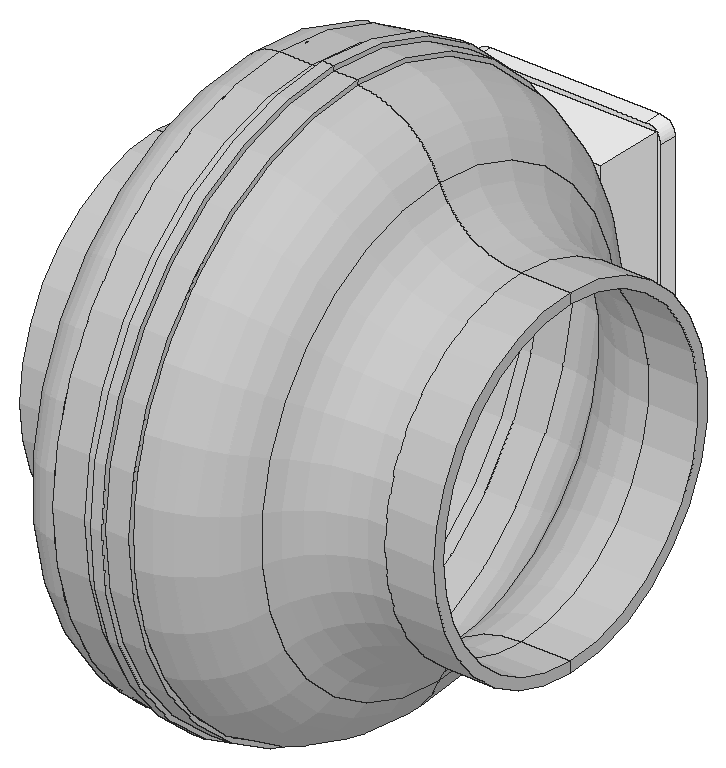
Revit family "CK 160 B EC_7001045", category Mechanical Equipment, Revit 2014
Parameters (values of type "CK 160 B EC")
  Wiring diagram = "4040180"
  Weight = 2.80 kg
  Voltage range = "200-240 / 50/60 V/Hz"
  Voltage = 230 V
  Speed = "3600 rpm"
  Sound pressure level at 3 m = "40 dB(A)"
  Power = 110 W
  Phase = 1
  Max. temperature of transported air when speed controlled = 60 °C
  Max. temperature of transported air = 60 °C
  Main Material = Steel, Galvanized
  Frequency = 50 Hz
  Elevation [instance] = 2735.5 mm
  Diameter = 159 mm
  Current = 0.89 A
  Capacitor = "/ μF"
Reference planes
  plane 1 "Center (Front/Back)": y = 0
  plane 2: z = 0
  plane 3 "Center (Left/Right)": x = 0
  plane 4: z = 2735.5
Dimensions and locks
  "Elevation": plane 4 to plane 2
  aligned and locked: level to plane 2
  aligned and locked: plane 3 "Center (Left/Right)" to nested 1
  aligned and locked: plane 1 "Center (Front/Back)" to nested 1
  aligned and locked: nested 1 to plane 4
  aligned and locked: plane 1 "Center (Front/Back)" to nested 2
  aligned and locked: plane 3 "Center (Left/Right)" to nested 2
Nested families
  nested 1: "CK 160 B AC_CK 160 B EC_geometry" at (0, 0, 2600), type "CK 160 B AC_CK 160 B EC_geometry"
  nested 2: "Flow direction symbol" at (0, 0, 0), type "Flow direction symbol"
Connectors
  hvac at (-97.5, 0, 2735.5), driven by "Diameter"
    settings: on nested 1, index 1, duct flow 0.0 L/s, flow factor 0, pres drop 0.0 Pa, loss coef 0, conn angle 0.00°, conn width 304.8 mm, conn height 304.8 mm, conn diameter 159 mm, duct sys type 1, conn prof type 0, flow config 0, flow direction 1, loss method 0, conn ref index -1, conn util no, is conn primary yes, conn desc ""
  hvac at (95.5, 0, 2735.5), driven by "Diameter"
    settings: on nested 1, index 2, duct flow 0.0 L/s, flow factor 0, pres drop 0.0 Pa, loss coef 0, conn angle 0.00°, conn width 304.8 mm, conn height 304.8 mm, conn diameter 159 mm, duct sys type 3, conn prof type 0, flow config 0, flow direction 2, loss method 0, conn ref index -1, conn util no, is conn primary no, conn desc ""
  electrical at (-43.502, 176.31, 2736.259), driven by "Phase", driven by "Voltage"
    settings: on nested 1, index 3, voltage 230 V, apparent load 0 VA, apparent load phase1 0 VA, apparent load phase2 0 VA, apparent load phase3 0 VA, power factor 1, load classification "Other", number of poles 1, system type 31, power factor state 1, is connector primary yes, connector utility no, sub classification motor no, connector description ""
Definition of nested family "CK 160 B AC_CK 160 B EC_geometry"
  Parameters (values of type "CK 160 B AC_CK 160 B EC_geometry")
    Main Material = Steel, Galvanized
  Reference planes
    plane 1 "Center (Front/Back)": y = 0
    plane 2: z = 0
    plane 3 "Center (Left/Right)": x = 0
    plane 4: z = 135.5
    plane 5: y = 176.31
    plane 6: y = 135.5
    plane 7: y = -135.5
    plane 8: x = -97.5
    plane 9: x = 97.5
    plane 10: z = 271
  Forms (mm)
    Revolve 1, solid, material "Steel, Galvanized" <- "Main Material", detail levels medium+fine
      sketch origin (0, 0, 0) x (1, 0, 0) y (0, 0, 1)
        loop
          line (95.5, 135.5) -> (-97.5, 135.5) -> (-97.5, 56) -> (-72.5, 56)
          arc (-72.5, 56) -> (-69.044, 54.767) -> (-67.149, 51.624) r 5.459
          line (-67.149, 51.624) -> (-61.749, 24.947)
          arc (-61.749, 24.947) -> (-60.336, 19.751) -> (-58.253, 14.786) r 40.927
          arc (-58.253, 14.786) -> (-50.68, 6.41) -> (-39.866, 3.161) r 21.017
          line (-39.866, 3.161) -> (-24.866, 3.161) -> (-19.811, 3.161) -> (-19.811, 0) -> (-14.811, 0) -> (-14.811, 2.154) -> (-3.542, 2.154) -> (-3.542, 4.113)
          arc (-3.542, 4.113) -> (19.336, 12.416) -> (34.302, 31.609) r 44.007
          arc (34.302, 31.609) -> (49.446, 49.895) -> (72.39, 56) r 38.97
          line (72.39, 56) -> (95.5, 56) -> (95.5, 135.5)
        axis (95.5, 135.5) -> (-97.5, 135.5)
      angle from 0 to 360
    Extrusion 2, solid, material "Plastic", detail levels medium+fine
      sketch origin (0, 16.648, 13.75) x (1, 0, 0) y (0, 0, 1)
        loop
          line (-4.004, 163.259) -> (-83, 163.259)
          arc (-83, 163.259) -> (-87.95, 161.209) -> (-90, 156.259) r 7
          line (-90, 156.259) -> (-90, 90.259)
          arc (-90, 90.259) -> (-87.071, 83.188) -> (-80, 80.259) r 10
          line (-80, 80.259) -> (-7.004, 80.259)
          arc (-7.004, 80.259) -> (0.067, 83.188) -> (2.996, 90.259) r 10
          line (2.996, 90.259) -> (2.996, 156.259)
          arc (2.996, 156.259) -> (0.945, 161.209) -> (-4.004, 163.259) r 7
      from -159.662 to -151.628
    Extrusion 3, solid, material "Plastic", detail levels medium+fine
      sketch origin (0, 16.648, 13.75) x (0, 1, 0) y (0, 0, 1)
        loop
          line (118.852, 161.259) -> (118.852, 81.741) -> (151.628, 81.741) -> (151.628, 161.259) -> (118.852, 161.259)
      from -88 to 1
    Revolve 4, solid, material "Steel, Galvanized" <- "Main Material", detail levels coarse
      sketch origin (0, 0, 0) x (1, 0, 0) y (0, 0, 1)
        loop
          line (72.39, 56) -> (95.5, 56) -> (95.5, 135.5) -> (-97.5, 135.5) -> (-97.5, 56) -> (-72.314, 56)
          arc (-72.314, 56) -> (-68.88, 54.778) -> (-66.99, 51.662) r 5.435
          line (-66.99, 51.662) -> (-60.977, 22.47)
          arc (-60.977, 22.47) -> (-53.23, 8.764) -> (-38.588, 2.976) r 23.61
          arc (-38.588, 2.976) -> (-29.109, 2.055) -> (-19.811, 0) r 78.948
          line (-19.811, 0) -> (-4.319, 0)
          arc (-4.319, 0) -> (19.824, 9.705) -> (35.082, 30.783) r 46.91
          arc (35.082, 30.783) -> (49.622, 49.463) -> (72.388, 55.947) r 38.093
        axis (95.5, 135.5) -> (-97.5, 135.5)
      angle from 0 to 360
    Revolve 5, void
      sketch origin (0, 0, 0) x (1, 0, 0) y (0, 0, 1)
        loop
          line (95.5, 135.5) -> (-97.5, 135.5) -> (-97.5, 61) -> (-72.5, 61)
          arc (-72.5, 61) -> (-65.879, 58.637) -> (-62.249, 52.616) r 10.459
          line (-62.249, 52.616) -> (-56.848, 25.939)
          arc (-56.848, 25.939) -> (-55.608, 21.378) -> (-53.779, 17.02) r 35.927
          arc (-53.779, 17.02) -> (-48.028, 10.648) -> (-39.813, 8.161) r 16.017
          line (-39.813, 8.161) -> (-24.866, 8.161) -> (-19.811, 8.161) -> (-4.236, 9.079)
          arc (-4.236, 9.079) -> (16.253, 16.357) -> (29.663, 33.473) r 39.007
          arc (29.663, 33.473) -> (46.696, 54.071) -> (72.51, 61) r 43.97
          line (72.51, 61) -> (95.5, 61) -> (95.5, 135.5)
        axis (95.5, 135.5) -> (-97.5, 135.5)
      angle from 0 to 360
  Cuts and joins
    Revolve 5 cuts Revolve 1
  Dimensions and locks
    aligned and locked: level to plane 2
Definition of nested family "Flow direction symbol"
  Parameters (values of type "Flow direction symbol")
    Warning = "!"
    Text = "DIMENSIONS OVERCONSTRAINT"
  Reference planes
    plane 1: y = 0
    plane 2: x = 0
  Lines and regions (mm)
    detail lines
      curve 1: line (-0.506, 0.877, 0) -> (-0.506, -0.877, 0)
      curve 2: line (1.012, 0, 0) -> (-0.506, -0.877, 0)
      curve 3: line (-0.506, 0.877, 0) -> (1.012, 0, 0)
      curve 4: circle (0, 0, 0) r 1 normal (0, 0, 1)
